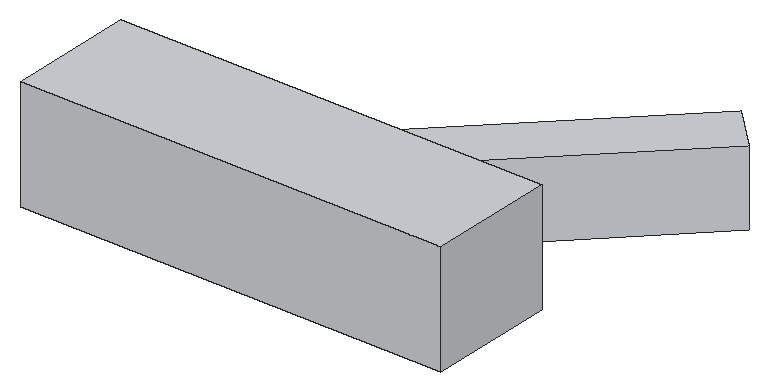
Revit family "DuctFitting_Ractangle_Tee", category Duct Fittings, Revit 2020
Family settings
  Round Connector Dimension = Use Diameter
  Part Type = Tee
  Work Plane-Based = No
  Always vertical = Yes
  Cut with Voids When Loaded = No
  Shared = No
Parameters
  Width Branch [instance] = 200 mm
  Width Main [instance] = 450 mm
  Length Branch [instance] = 1300 mm
  Length Main [instance] = 1500 mm
  Height Branch [instance] = 270 mm
  Height Main [instance] = 400 mm
  Default Elevation = 0 mm
  Angle [instance] = 45.00°
Reference planes
  plane 1 "Center (Front/Back)": y = 0
  plane 2: z = 0
  plane 3 "Center (Left/Right)": x = 0
Forms (mm)
  Sweep 1, solid
    path origin (0, 0, 0) x (1, 0, 0) y (0, 1, 0)
      loop
        line (750, 0) -> (0, 0) -> (-750, 0)
    profile origin (-375, 0, 0) x (0, -1, 0) y (0, 0, 1)
      loop
        line (225, -200) -> (225, 200) -> (-225, 200) -> (-225, -200) -> (225, -200)
  Sweep 2, solid
    path origin (0, 0, 0) x (1, 0, 0) y (0, 1, 0)
      loop
        line (0, 0) -> (919.239, 919.239)
    profile origin (459.619, 459.619, 0) x (-0.707107, 0.707107, 0) y (0, 0, 1)
      loop
        line (100, -135) -> (100, 135) -> (-100, 135) -> (-100, -135) -> (100, -135)
Cuts and joins
  joined: Sweep 1, Sweep 2
Dimensions and locks
  "Length Main": Sweep 1 sketch curve to Sweep 1 sketch curve
  equal spacing: Sweep 1 sketch curve, Sweep 1 sketch curve, Sweep 1 sketch curve
  "Width Main": Sweep 1 sketch curve to Sweep 1 sketch curve
  "Height Main": Sweep 1 sketch curve to Sweep 1 sketch curve
  "Width Branch": Sweep 2 sketch curve to Sweep 2 sketch curve
  "Height Branch": Sweep 2 sketch curve to Sweep 2 sketch curve
  equal spacing: Sweep 2 sketch curve, profile plane, Sweep 2 sketch curve  (x2)
  equal spacing: Sweep 1 sketch curve, profile plane, Sweep 1 sketch curve  (x2)
  "Length Branch": Sweep 2 sketch curve to Sweep 2 sketch curve
  "Angle": angle plane 1 "Center (Front/Back)" to Sweep 2 sketch curve
  aligned and locked: level to plane 2
Automatic sketch dimensions
  plane 1 "Center (Front/Back)" to Sweep 1 sketch curve = 0 mm
  Sweep 1 sketch curve to plane 3 "Center (Left/Right)" = 0 mm
  plane 1 "Center (Front/Back)" to Sweep 2 sketch curve = 0 mm
  Sweep 2 sketch curve to plane 3 "Center (Left/Right)" = 0 mm
Connectors
  hvac at (919.239, 919.239, 0), driven by "Height Branch", driven by "Width Branch"
    settings: on cut or joined group of Sweep 1, Sweep 2, index 1, duct flow 0.0 L/s, flow factor 0, pres drop 0.0 Pa, loss coef 0, conn angle 0.00°, conn width 200 mm, conn height 270 mm, conn diameter 609.6 mm, duct sys type 1, conn prof type 1, flow config 0, flow direction 0, loss method 0, conn ref index -1, conn util no, is conn primary yes, conn desc ""
  hvac at (750, 0, 0), driven by "Height Main", driven by "Width Main"
    settings: on cut or joined group of Sweep 1, Sweep 2, index 2, duct flow 0.0 L/s, flow factor 0, pres drop 0.0 Pa, loss coef 0, conn angle 0.00°, conn width 450 mm, conn height 400 mm, conn diameter 609.6 mm, duct sys type 1, conn prof type 1, flow config 0, flow direction 0, loss method 0, conn ref index -1, conn util no, is conn primary no, conn desc ""
  hvac at (-750, 0, 0), driven by "Height Main", driven by "Width Main"
    settings: on cut or joined group of Sweep 1, Sweep 2, index 3, duct flow 0.0 L/s, flow factor 0, pres drop 0.0 Pa, loss coef 0, conn angle 0.00°, conn width 450 mm, conn height 400 mm, conn diameter 609.6 mm, duct sys type 1, conn prof type 1, flow config 0, flow direction 0, loss method 0, conn ref index -1, conn util no, is conn primary no, conn desc ""
